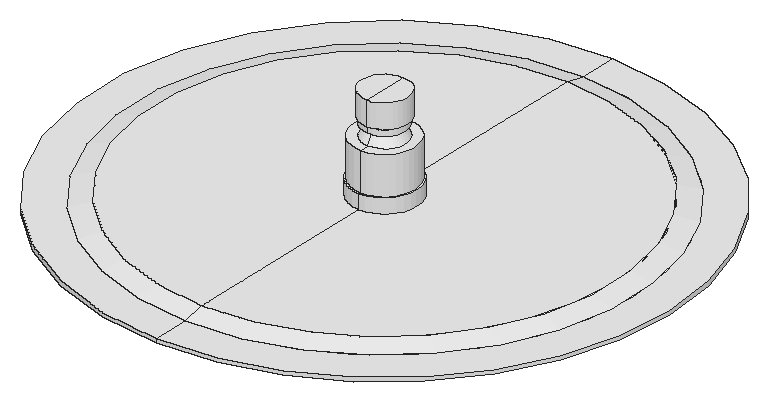
Revit family "ShowerHead-18Lmin-Vitra-LiteLSSeries-A45674", category Plumbing Fixtures, Revit 2017
Family settings
  Round Connector Dimension = Use Diameter
  Part Type = Normal
  OmniClass Number = 23.45.00.00
  OmniClass Title = Sanitary, Laundry, and Cleaning Equipment
  Work Plane-Based = Yes
  Always vertical = No
  Cut with Voids When Loaded = No
  Shared = Yes
  Room Calculation Point = No
Parameters (values of type "ShowerHead-18Lmin-Vitra-LiteLSSeries-A45674")
  Youtube = "https://www.youtube.com/user/VitrAglobal"
  Weight Net (kg) = "0.4"
  Waste Connection = no
  Warranty Period (Year) = "5 Years"
  Vent Connection = no
  Uniformat II Description = "Plumbing Fixtures"
  Uniformat II Code = "D2010"
  Uniclass 2015 Name = "Shower heads"
  Uniclass 2015 Code = "Pr_40_20_87_76"
  Uniclass 2.0 Description = "Shower Heads"
  Uniclass 2.0 Code = "PR-35-06-81"
  Uniclass 1.4 Description = "Showers"
  Uniclass 1.4 Code = "L7214"
  URL = "https://vitraglobal.com/"
  UNSPSC Description = ""
  UNSPSC Code = ""
  Technical description = "https://www.vitra.com.tr/pdf/A45674/"
  Tap hole Options (default) = ""
  Specification = ""
  Secondary Material = Plastic
  Region South America = "All"
  Region Oceania = "All"
  Region North America = "All"
  Region Middle East = "All"
  Region Europe = "All"
  Region Asia = "All"
  Region Antarctica = "All"
  Region Africa = "All"
  Product url = "https://www.vitra.com.tr/dus-sistemleri/dus-basliklari/dus-basliklari/lite-lc-dus-basligi-sku-A45674/"
  Product manual = ""
  Product group = "Showers Head"
  Product family = "Lite LS Series"
  Product data url = ""
  Product certification = "https://www.vitraglobal.com/brochures/"
  Product Type = "Showerhead"
  Product SKU = "A45674"
  Product Properties = ""
  Product Guid = ""
  OmniClass Description = "Shower Head Fixtures"
  OmniClass Code = "23-31 17 19"
  Number Of Connections = "1"
  Nominal Width (mm) = 300 mm
  Nominal Height (mm) = 54 mm
  Nominal Depth (mm) = 300 mm
  NBS Referans Description = "Shower Heads"
  NBS Referans Code = "35-06-81"
  Mounting type = "Pipe Connect"
  Model = "A45674"
  Masterformat 2014 Description = "Residential Showers"
  Masterformat 2014 Code = "22 41 23"
  Manufacturer name = "Vitra"
  Manufacturer = "Vitra"
  Main Material = "Metal"
  Installation instructions = ""
  IFC Classification = "Sanitary Terminal"
  Help = ""
  HW Connection = no
  GTIP code = ""
  Features = ""
  EAN code = ""
  Design country = "Turkey"
  Description = "Shower Head"
  Default Elevation = 0 mm
  Connection Diameter (mm) = 20 mm
  Color = "Chrome"
  Coating Material = Chrome
  Calculated flow = ""
  CW Connection = no
  COBIe Type Category = ""
  Brand = "Artema"
  BIMobject category = "Bath/Shower Mixer"
  Article No. (default) = "A45674"
  Approvals = ""
  ApplicationType = ""
  Accessories (default) = ""
Reference planes
  plane 1 "Center (Front/Back)": y = 0
  plane 2: z = 0
  plane 3 "Center (Left/Right)": x = 0
  plane 4: z = -54
  plane 5: x = -144.563
  plane 6: x = 155.437
  plane 7: y = 150
  plane 8: y = -150
Forms (mm)
  Revolve 1, solid, material "Chrome" <- "Coating Material", detail levels medium+fine
    sketch origin (0, 0, 0) x (0, 1, 0) y (0, 0, 1)
      loop
        line (0, 0) -> (0, -54) -> (150, -54) -> (150, -52) -> (131.025, -52) -> (120.196, -49.5) -> (17.01, -49.5) -> (17.01, -41.9) -> (16.017, -41.9) -> (16.017, -22.1) -> (11.032, -22.1) -> (8.416, -17.57) -> (8.416, -16.2) -> (10.9, -16.2) -> (10.9, -13.151) -> (12.03, -12.498) -> (12.03, 0) -> (0, 0)
      axis (0, -54) -> (0, 0)
    angle from 0 to 360
  Extrusion 2, solid, material "Plastic" <- "Secondary Material", detail levels fine
    sketch origin (0, 0, 0) x (1, 0, 0) y (0, 1, 0)
      loop
        circle (0, 0) r 4.013
    from -59 to -54
  Extrusion 3, solid, material "Plastic" <- "Secondary Material", detail levels fine
    sketch origin (14.731, 8.505, 0) x (1, 0, 0) y (0, 1, 0)
      loop
        circle (0, 0) r 4.013
    from -59 to -54
  Extrusion 4, solid, material "Plastic" <- "Secondary Material", detail levels fine
    sketch origin (14.731, -8.505, 0) x (0.5, -0.866025, 0) y (0.866025, 0.5, 0)
      loop
        circle (0, 0) r 4.013
    from -59 to -54
  Extrusion 5, solid, material "Plastic" <- "Secondary Material", detail levels fine
    sketch origin (0, 17.01, 0) x (0.5, 0.866025, 0) y (-0.866025, 0.5, 0)
      loop
        circle (0, 0) r 4.013
    from -59 to -54
  Extrusion 6, solid, material "Plastic" <- "Secondary Material", detail levels fine
    sketch origin (-14.731, 8.505, 0) x (-0.5, 0.866025, 0) y (-0.866025, -0.5, 0)
      loop
        circle (0, 0) r 4.013
    from -59 to -54
  Extrusion 7, solid, material "Plastic" <- "Secondary Material", detail levels fine
    sketch origin (-14.731, -8.505, 0) x (-1, 0, 0) y (0, -1, 0)
      loop
        circle (0, 0) r 4.013
    from -59 to -54
  Extrusion 8, solid, material "Plastic" <- "Secondary Material", detail levels fine
    sketch origin (0, -17.01, 0) x (-0.5, -0.866025, 0) y (0.866025, -0.5, 0)
      loop
        circle (0, 0) r 4.013
    from -59 to -54
  Extrusion 9, solid, material "Plastic" <- "Secondary Material", detail levels fine
    sketch origin (33.97, -0.008, 0) x (1, 0, 0) y (0, 1, 0)
      loop
        circle (0, 0) r 4.013
    from -59 to -54
  Extrusion 10, solid, material "Plastic" <- "Secondary Material", detail levels fine
    sketch origin (29.415, -16.992, 0) x (0.866025, -0.5, 0) y (0.5, 0.866025, 0)
      loop
        circle (0, 0) r 4.013
    from -59 to -54
  Extrusion 11, solid, material "Plastic" <- "Secondary Material", detail levels fine
    sketch origin (29.423, 16.978, 0) x (0.866025, 0.5, 0) y (-0.5, 0.866025, 0)
      loop
        circle (0, 0) r 4.013
    from -59 to -54
  Extrusion 12, solid, material "Plastic" <- "Secondary Material", detail levels fine
    sketch origin (16.992, 29.415, 0) x (0.5, 0.866025, 0) y (-0.866025, 0.5, 0)
      loop
        circle (0, 0) r 4.013
    from -59 to -54
  Extrusion 13, solid, material "Plastic" <- "Secondary Material", detail levels fine
    sketch origin (0.008, 33.97, 0) x (0, 1, 0) y (-1, 0, 0)
      loop
        circle (0, 0) r 4.013
    from -59 to -54
  Extrusion 14, solid, material "Plastic" <- "Secondary Material", detail levels fine
    sketch origin (-16.978, 29.423, 0) x (-0.5, 0.866025, 0) y (-0.866025, -0.5, 0)
      loop
        circle (0, 0) r 4.013
    from -59 to -54
  Extrusion 15, solid, material "Plastic" <- "Secondary Material", detail levels fine
    sketch origin (-29.415, 16.992, 0) x (-0.866025, 0.5, 0) y (-0.5, -0.866025, 0)
      loop
        circle (0, 0) r 4.013
    from -59 to -54
  Extrusion 16, solid, material "Plastic" <- "Secondary Material", detail levels fine
    sketch origin (-33.97, 0.008, 0) x (-1, 0, 0) y (0, -1, 0)
      loop
        circle (0, 0) r 4.013
    from -59 to -54
  Extrusion 17, solid, material "Plastic" <- "Secondary Material", detail levels fine
    sketch origin (-29.423, -16.978, 0) x (-0.866025, -0.5, 0) y (0.5, -0.866025, 0)
      loop
        circle (0, 0) r 4.013
    from -59 to -54
  Extrusion 18, solid, material "Plastic" <- "Secondary Material", detail levels fine
    sketch origin (-16.992, -29.415, 0) x (-0.5, -0.866025, 0) y (0.866025, -0.5, 0)
      loop
        circle (0, 0) r 4.013
    from -59 to -54
  Extrusion 19, solid, material "Plastic" <- "Secondary Material", detail levels fine
    sketch origin (-0.008, -33.97, 0) x (0, -1, 0) y (1, 0, 0)
      loop
        circle (0, 0) r 4.013
    from -59 to -54
  Extrusion 20, solid, material "Plastic" <- "Secondary Material", detail levels fine
    sketch origin (16.978, -29.423, 0) x (0.5, -0.866025, 0) y (0.866025, 0.5, 0)
      loop
        circle (0, 0) r 4.013
    from -59 to -54
  Extrusion 21, solid, material "Plastic" <- "Secondary Material", detail levels fine
    sketch origin (50.214, 8.831, 0) x (1, 0, 0) y (0, 1, 0)
      loop
        circle (0, 0) r 4.013
    from -59 to -54
  Extrusion 22, solid, material "Plastic" <- "Secondary Material", detail levels fine
    sketch origin (50.206, -8.875, 0) x (0.939693, -0.34202, 0) y (0.34202, 0.939693, 0)
      loop
        circle (0, 0) r 4.013
    from -59 to -54
  Extrusion 23, solid, material "Plastic" <- "Secondary Material", detail levels fine
    sketch origin (44.165, 25.473, 0) x (0.939693, 0.34202, 0) y (-0.34202, 0.939693, 0)
      loop
        circle (0, 0) r 4.013
    from -59 to -54
  Extrusion 24, solid, material "Plastic" <- "Secondary Material", detail levels fine
    sketch origin (32.789, 39.042, 0) x (0.766044, 0.642788, 0) y (-0.642788, 0.766044, 0)
      loop
        circle (0, 0) r 4.013
    from -59 to -54
  Extrusion 25, solid, material "Plastic" <- "Secondary Material", detail levels fine
    sketch origin (17.459, 47.902, 0) x (0.5, 0.866025, 0) y (-0.866025, 0.5, 0)
      loop
        circle (0, 0) r 4.013
    from -59 to -54
  Extrusion 26, solid, material "Plastic" <- "Secondary Material", detail levels fine
    sketch origin (0.022, 50.984, 0) x (0.173648, 0.984808, 0) y (-0.984808, 0.173648, 0)
      loop
        circle (0, 0) r 4.013
    from -59 to -54
  Extrusion 27, solid, material "Plastic" <- "Secondary Material", detail levels fine
    sketch origin (-17.417, 47.917, 0) x (-0.173648, 0.984808, 0) y (-0.984808, -0.173648, 0)
      loop
        circle (0, 0) r 4.013
    from -59 to -54
  Extrusion 28, solid, material "Plastic" <- "Secondary Material", detail levels fine
    sketch origin (-32.755, 39.071, 0) x (-0.5, 0.866025, 0) y (-0.866025, -0.5, 0)
      loop
        circle (0, 0) r 4.013
    from -59 to -54
  Extrusion 29, solid, material "Plastic" <- "Secondary Material", detail levels fine
    sketch origin (-44.143, 25.511, 0) x (-0.766044, 0.642788, 0) y (-0.642788, -0.766044, 0)
      loop
        circle (0, 0) r 4.013
    from -59 to -54
  Extrusion 30, solid, material "Plastic" <- "Secondary Material", detail levels fine
    sketch origin (-50.206, 8.875, 0) x (-0.939693, 0.34202, 0) y (-0.34202, -0.939693, 0)
      loop
        circle (0, 0) r 4.013
    from -59 to -54
  Extrusion 31, solid, material "Plastic" <- "Secondary Material", detail levels fine
    sketch origin (-50.214, -8.831, 0) x (-1, 0, 0) y (0, -1, 0)
      loop
        circle (0, 0) r 4.013
    from -59 to -54
  Extrusion 32, solid, material "Plastic" <- "Secondary Material", detail levels fine
    sketch origin (-44.165, -25.473, 0) x (-0.939693, -0.34202, 0) y (0.34202, -0.939693, 0)
      loop
        circle (0, 0) r 4.013
    from -59 to -54
  Extrusion 33, solid, material "Plastic" <- "Secondary Material", detail levels fine
    sketch origin (-32.789, -39.042, 0) x (-0.766044, -0.642788, 0) y (0.642788, -0.766044, 0)
      loop
        circle (0, 0) r 4.013
    from -59 to -54
  Extrusion 34, solid, material "Plastic" <- "Secondary Material", detail levels fine
    sketch origin (-17.459, -47.902, 0) x (-0.5, -0.866025, 0) y (0.866025, -0.5, 0)
      loop
        circle (0, 0) r 4.013
    from -59 to -54
  Extrusion 35, solid, material "Plastic" <- "Secondary Material", detail levels fine
    sketch origin (-0.022, -50.984, 0) x (-0.173648, -0.984808, 0) y (0.984808, -0.173648, 0)
      loop
        circle (0, 0) r 4.013
    from -59 to -54
  Extrusion 36, solid, material "Plastic" <- "Secondary Material", detail levels fine
    sketch origin (17.417, -47.917, 0) x (0.173648, -0.984808, 0) y (0.984808, 0.173648, 0)
      loop
        circle (0, 0) r 4.013
    from -59 to -54
  Extrusion 37, solid, material "Plastic" <- "Secondary Material", detail levels fine
    sketch origin (32.755, -39.071, 0) x (0.5, -0.866025, 0) y (0.866025, 0.5, 0)
      loop
        circle (0, 0) r 4.013
    from -59 to -54
  Extrusion 38, solid, material "Plastic" <- "Secondary Material", detail levels fine
    sketch origin (44.143, -25.511, 0) x (0.766044, -0.642788, 0) y (0.642788, 0.766044, 0)
      loop
        circle (0, 0) r 4.013
    from -59 to -54
  Extrusion 39, solid, material "Plastic" <- "Secondary Material", detail levels fine
    sketch origin (68.001, -0.05, 0) x (1, 0, 0) y (0, 1, 0)
      loop
        circle (0, 0) r 4.013
    from -59 to -54
  Extrusion 40, solid, material "Plastic" <- "Secondary Material", detail levels fine
    sketch origin (65.671, -17.648, 0) x (0.965926, -0.258819, 0) y (0.258819, 0.965926, 0)
      loop
        circle (0, 0) r 4.013
    from -59 to -54
  Extrusion 41, solid, material "Plastic" <- "Secondary Material", detail levels fine
    sketch origin (65.697, 17.552, 0) x (0.965926, 0.258819, 0) y (-0.258819, 0.965926, 0)
      loop
        circle (0, 0) r 4.013
    from -59 to -54
  Extrusion 42, solid, material "Plastic" <- "Secondary Material", detail levels fine
    sketch origin (58.916, 33.957, 0) x (0.866025, 0.5, 0) y (-0.5, 0.866025, 0)
      loop
        circle (0, 0) r 4.013
    from -59 to -54
  Extrusion 43, solid, material "Plastic" <- "Secondary Material", detail levels fine
    sketch origin (48.119, 48.049, 0) x (0.707107, 0.707107, 0) y (-0.707107, 0.707107, 0)
      loop
        circle (0, 0) r 4.013
    from -59 to -54
  Extrusion 44, solid, material "Plastic" <- "Secondary Material", detail levels fine
    sketch origin (34.044, 58.866, 0) x (0.5, 0.866025, 0) y (-0.866025, 0.5, 0)
      loop
        circle (0, 0) r 4.013
    from -59 to -54
  Extrusion 45, solid, material "Plastic" <- "Secondary Material", detail levels fine
    sketch origin (17.648, 65.671, 0) x (0.258819, 0.965926, 0) y (-0.965926, 0.258819, 0)
      loop
        circle (0, 0) r 4.013
    from -59 to -54
  Extrusion 46, solid, material "Plastic" <- "Secondary Material", detail levels fine
    sketch origin (0.05, 68.001, 0) x (0, 1, 0) y (-1, 0, 0)
      loop
        circle (0, 0) r 4.013
    from -59 to -54
  Extrusion 47, solid, material "Plastic" <- "Secondary Material", detail levels fine
    sketch origin (-17.552, 65.697, 0) x (-0.258819, 0.965926, 0) y (-0.965926, -0.258819, 0)
      loop
        circle (0, 0) r 4.013
    from -59 to -54
  Extrusion 48, solid, material "Plastic" <- "Secondary Material", detail levels fine
    sketch origin (-33.957, 58.916, 0) x (-0.5, 0.866025, 0) y (-0.866025, -0.5, 0)
      loop
        circle (0, 0) r 4.013
    from -59 to -54
  Extrusion 49, solid, material "Plastic" <- "Secondary Material", detail levels fine
    sketch origin (-48.049, 48.119, 0) x (-0.707107, 0.707107, 0) y (-0.707107, -0.707107, 0)
      loop
        circle (0, 0) r 4.013
    from -59 to -54
  Extrusion 50, solid, material "Plastic" <- "Secondary Material", detail levels fine
    sketch origin (-58.866, 34.044, 0) x (-0.866025, 0.5, 0) y (-0.5, -0.866025, 0)
      loop
        circle (0, 0) r 4.013
    from -59 to -54
  Extrusion 51, solid, material "Plastic" <- "Secondary Material", detail levels fine
    sketch origin (-65.671, 17.648, 0) x (-0.965926, 0.258819, 0) y (-0.258819, -0.965926, 0)
      loop
        circle (0, 0) r 4.013
    from -59 to -54
  Extrusion 52, solid, material "Plastic" <- "Secondary Material", detail levels fine
    sketch origin (-68.001, 0.05, 0) x (-1, 0, 0) y (0, -1, 0)
      loop
        circle (0, 0) r 4.013
    from -59 to -54
  Extrusion 53, solid, material "Plastic" <- "Secondary Material", detail levels fine
    sketch origin (-65.697, -17.552, 0) x (-0.965926, -0.258819, 0) y (0.258819, -0.965926, 0)
      loop
        circle (0, 0) r 4.013
    from -59 to -54
  Extrusion 54, solid, material "Plastic" <- "Secondary Material", detail levels fine
    sketch origin (-58.916, -33.957, 0) x (-0.866025, -0.5, 0) y (0.5, -0.866025, 0)
      loop
        circle (0, 0) r 4.013
    from -59 to -54
  Extrusion 55, solid, material "Plastic" <- "Secondary Material", detail levels fine
    sketch origin (-48.119, -48.049, 0) x (-0.707107, -0.707107, 0) y (0.707107, -0.707107, 0)
      loop
        circle (0, 0) r 4.013
    from -59 to -54
  Extrusion 56, solid, material "Plastic" <- "Secondary Material", detail levels fine
    sketch origin (-34.044, -58.866, 0) x (-0.5, -0.866025, 0) y (0.866025, -0.5, 0)
      loop
        circle (0, 0) r 4.013
    from -59 to -54
  Extrusion 57, solid, material "Plastic" <- "Secondary Material", detail levels fine
    sketch origin (-17.648, -65.671, 0) x (-0.258819, -0.965926, 0) y (0.965926, -0.258819, 0)
      loop
        circle (0, 0) r 4.013
    from -59 to -54
  Extrusion 58, solid, material "Plastic" <- "Secondary Material", detail levels fine
    sketch origin (-0.05, -68.001, 0) x (0, -1, 0) y (1, 0, 0)
      loop
        circle (0, 0) r 4.013
    from -59 to -54
  Extrusion 59, solid, material "Plastic" <- "Secondary Material", detail levels fine
    sketch origin (17.552, -65.697, 0) x (0.258819, -0.965926, 0) y (0.965926, 0.258819, 0)
      loop
        circle (0, 0) r 4.013
    from -59 to -54
  Extrusion 60, solid, material "Plastic" <- "Secondary Material", detail levels fine
    sketch origin (33.957, -58.916, 0) x (0.5, -0.866025, 0) y (0.866025, 0.5, 0)
      loop
        circle (0, 0) r 4.013
    from -59 to -54
  Extrusion 61, solid, material "Plastic" <- "Secondary Material", detail levels fine
    sketch origin (48.049, -48.119, 0) x (0.707107, -0.707107, 0) y (0.707107, 0.707107, 0)
      loop
        circle (0, 0) r 4.013
    from -59 to -54
  Extrusion 62, solid, material "Plastic" <- "Secondary Material", detail levels fine
    sketch origin (58.866, -34.044, 0) x (0.866025, -0.5, 0) y (0.5, 0.866025, 0)
      loop
        circle (0, 0) r 4.013
    from -59 to -54
  Extrusion 63, solid, material "Plastic" <- "Secondary Material", detail levels fine
    sketch origin (84.589, 8.831, 0) x (1, 0, 0) y (0, 1, 0)
      loop
        circle (0, 0) r 4.013
    from -59 to -54
  Extrusion 64, solid, material "Plastic" <- "Secondary Material", detail levels fine
    sketch origin (84.576, -8.949, 0) x (0.978148, -0.207912, 0) y (0.207912, 0.978148, 0)
      loop
        circle (0, 0) r 4.013
    from -59 to -54
  Extrusion 65, solid, material "Plastic" <- "Secondary Material", detail levels fine
    sketch origin (80.904, 26.225, 0) x (0.978148, 0.207912, 0) y (-0.207912, 0.978148, 0)
      loop
        circle (0, 0) r 4.013
    from -59 to -54
  Extrusion 66, solid, material "Plastic" <- "Secondary Material", detail levels fine
    sketch origin (73.683, 42.473, 0) x (0.913545, 0.406737, 0) y (-0.406737, 0.913545, 0)
      loop
        circle (0, 0) r 4.013
    from -59 to -54
  Extrusion 67, solid, material "Plastic" <- "Secondary Material", detail levels fine
    sketch origin (63.243, 56.865, 0) x (0.809017, 0.587785, 0) y (-0.587785, 0.809017, 0)
      loop
        circle (0, 0) r 4.013
    from -59 to -54
  Extrusion 68, solid, material "Plastic" <- "Secondary Material", detail levels fine
    sketch origin (50.038, 68.771, 0) x (0.669131, 0.743145, 0) y (-0.743145, 0.669131, 0)
      loop
        circle (0, 0) r 4.013
    from -59 to -54
  Extrusion 69, solid, material "Plastic" <- "Secondary Material", detail levels fine
    sketch origin (34.646, 77.672, 0) x (0.5, 0.866025, 0) y (-0.866025, 0.5, 0)
      loop
        circle (0, 0) r 4.013
    from -59 to -54
  Extrusion 70, solid, material "Plastic" <- "Secondary Material", detail levels fine
    sketch origin (17.74, 83.178, 0) x (0.309017, 0.951057, 0) y (-0.951057, 0.309017, 0)
      loop
        circle (0, 0) r 4.013
    from -59 to -54
  Extrusion 71, solid, material "Plastic" <- "Secondary Material", detail levels fine
    sketch origin (0.059, 85.048, 0) x (0.104528, 0.994522, 0) y (-0.994522, 0.104528, 0)
      loop
        circle (0, 0) r 4.013
    from -59 to -54
  Extrusion 72, solid, material "Plastic" <- "Secondary Material", detail levels fine
    sketch origin (-17.625, 83.202, 0) x (-0.104528, 0.994522, 0) y (-0.994522, -0.104528, 0)
      loop
        circle (0, 0) r 4.013
    from -59 to -54
  Extrusion 73, solid, material "Plastic" <- "Secondary Material", detail levels fine
    sketch origin (-34.538, 77.719, 0) x (-0.309017, 0.951057, 0) y (-0.951057, -0.309017, 0)
      loop
        circle (0, 0) r 4.013
    from -59 to -54
  Extrusion 74, solid, material "Plastic" <- "Secondary Material", detail levels fine
    sketch origin (-49.942, 68.84, 0) x (-0.5, 0.866025, 0) y (-0.866025, -0.5, 0)
      loop
        circle (0, 0) r 4.013
    from -59 to -54
  Extrusion 75, solid, material "Plastic" <- "Secondary Material", detail levels fine
    sketch origin (-63.164, 56.952, 0) x (-0.669131, 0.743145, 0) y (-0.743145, -0.669131, 0)
      loop
        circle (0, 0) r 4.013
    from -59 to -54
  Extrusion 76, solid, material "Plastic" <- "Secondary Material", detail levels fine
    sketch origin (-73.625, 42.575, 0) x (-0.809017, 0.587785, 0) y (-0.587785, -0.809017, 0)
      loop
        circle (0, 0) r 4.013
    from -59 to -54
  Extrusion 77, solid, material "Plastic" <- "Secondary Material", detail levels fine
    sketch origin (-80.868, 26.337, 0) x (-0.913545, 0.406737, 0) y (-0.406737, -0.913545, 0)
      loop
        circle (0, 0) r 4.013
    from -59 to -54
  Extrusion 78, solid, material "Plastic" <- "Secondary Material", detail levels fine
    sketch origin (-84.576, 8.949, 0) x (-0.978148, 0.207912, 0) y (-0.207912, -0.978148, 0)
      loop
        circle (0, 0) r 4.013
    from -59 to -54
  Extrusion 79, solid, material "Plastic" <- "Secondary Material", detail levels fine
    sketch origin (-84.589, -8.831, 0) x (-1, 0, 0) y (0, -1, 0)
      loop
        circle (0, 0) r 4.013
    from -59 to -54
  Extrusion 80, solid, material "Plastic" <- "Secondary Material", detail levels fine
    sketch origin (-80.904, -26.225, 0) x (-0.978148, -0.207912, 0) y (0.207912, -0.978148, 0)
      loop
        circle (0, 0) r 4.013
    from -59 to -54
  Extrusion 81, solid, material "Plastic" <- "Secondary Material", detail levels fine
    sketch origin (-73.683, -42.473, 0) x (-0.913545, -0.406737, 0) y (0.406737, -0.913545, 0)
      loop
        circle (0, 0) r 4.013
    from -59 to -54
  Extrusion 82, solid, material "Plastic" <- "Secondary Material", detail levels fine
    sketch origin (-63.243, -56.865, 0) x (-0.809017, -0.587785, 0) y (0.587785, -0.809017, 0)
      loop
        circle (0, 0) r 4.013
    from -59 to -54
  Extrusion 83, solid, material "Plastic" <- "Secondary Material", detail levels fine
    sketch origin (-50.038, -68.771, 0) x (-0.669131, -0.743145, 0) y (0.743145, -0.669131, 0)
      loop
        circle (0, 0) r 4.013
    from -59 to -54
  Extrusion 84, solid, material "Plastic" <- "Secondary Material", detail levels fine
    sketch origin (-34.646, -77.672, 0) x (-0.5, -0.866025, 0) y (0.866025, -0.5, 0)
      loop
        circle (0, 0) r 4.013
    from -59 to -54
  Extrusion 85, solid, material "Plastic" <- "Secondary Material", detail levels fine
    sketch origin (-17.74, -83.178, 0) x (-0.309017, -0.951057, 0) y (0.951057, -0.309017, 0)
      loop
        circle (0, 0) r 4.013
    from -59 to -54
  Extrusion 86, solid, material "Plastic" <- "Secondary Material", detail levels fine
    sketch origin (-0.059, -85.048, 0) x (-0.104528, -0.994522, 0) y (0.994522, -0.104528, 0)
      loop
        circle (0, 0) r 4.013
    from -59 to -54
  Extrusion 87, solid, material "Plastic" <- "Secondary Material", detail levels fine
    sketch origin (17.625, -83.202, 0) x (0.104528, -0.994522, 0) y (0.994522, 0.104528, 0)
      loop
        circle (0, 0) r 4.013
    from -59 to -54
  Extrusion 88, solid, material "Plastic" <- "Secondary Material", detail levels fine
    sketch origin (34.538, -77.719, 0) x (0.309017, -0.951057, 0) y (0.951057, 0.309017, 0)
      loop
        circle (0, 0) r 4.013
    from -59 to -54
  Extrusion 89, solid, material "Plastic" <- "Secondary Material", detail levels fine
    sketch origin (49.942, -68.84, 0) x (0.5, -0.866025, 0) y (0.866025, 0.5, 0)
      loop
        circle (0, 0) r 4.013
    from -59 to -54
  Extrusion 90, solid, material "Plastic" <- "Secondary Material", detail levels fine
    sketch origin (63.164, -56.952, 0) x (0.669131, -0.743145, 0) y (0.743145, 0.669131, 0)
      loop
        circle (0, 0) r 4.013
    from -59 to -54
  Extrusion 91, solid, material "Plastic" <- "Secondary Material", detail levels fine
    sketch origin (73.625, -42.575, 0) x (0.809017, -0.587785, 0) y (0.587785, 0.809017, 0)
      loop
        circle (0, 0) r 4.013
    from -59 to -54
  Extrusion 92, solid, material "Plastic" <- "Secondary Material", detail levels fine
    sketch origin (80.868, -26.337, 0) x (0.913545, -0.406737, 0) y (0.406737, 0.913545, 0)
      loop
        circle (0, 0) r 4.013
    from -59 to -54
  Extrusion 93, solid, material "Plastic" <- "Secondary Material", detail levels fine
    sketch origin (102.015, -0.05, 0) x (1, 0, 0) y (0, 1, 0)
      loop
        circle (0, 0) r 4.013
    from -59 to -54
  Extrusion 94, solid, material "Plastic" <- "Secondary Material", detail levels fine
    sketch origin (100.456, -17.764, 0) x (0.984808, -0.173648, 0) y (0.173648, 0.984808, 0)
      loop
        circle (0, 0) r 4.013
    from -59 to -54
  Extrusion 95, solid, material "Plastic" <- "Secondary Material", detail levels fine
    sketch origin (100.473, 17.666, 0) x (0.984808, 0.173648, 0) y (-0.173648, 0.984808, 0)
      loop
        circle (0, 0) r 4.013
    from -59 to -54
  Extrusion 96, solid, material "Plastic" <- "Secondary Material", detail levels fine
    sketch origin (95.879, 34.844, 0) x (0.939693, 0.34202, 0) y (-0.34202, 0.939693, 0)
      loop
        circle (0, 0) r 4.013
    from -59 to -54
  Extrusion 97, solid, material "Plastic" <- "Secondary Material", detail levels fine
    sketch origin (88.372, 50.964, 0) x (0.866025, 0.5, 0) y (-0.5, 0.866025, 0)
      loop
        circle (0, 0) r 4.013
    from -59 to -54
  Extrusion 98, solid, material "Plastic" <- "Secondary Material", detail levels fine
    sketch origin (78.18, 65.536, 0) x (0.766044, 0.642788, 0) y (-0.642788, 0.766044, 0)
      loop
        circle (0, 0) r 4.013
    from -59 to -54
  Extrusion 99, solid, material "Plastic" <- "Secondary Material", detail levels fine
    sketch origin (65.612, 78.116, 0) x (0.642788, 0.766044, 0) y (-0.766044, 0.642788, 0)
      loop
        circle (0, 0) r 4.013
    from -59 to -54
  Extrusion 100, solid, material "Plastic" <- "Secondary Material", detail levels fine
    sketch origin (51.05, 88.322, 0) x (0.5, 0.866025, 0) y (-0.866025, 0.5, 0)
      loop
        circle (0, 0) r 4.013
    from -59 to -54
  Extrusion 101, solid, material "Plastic" <- "Secondary Material", detail levels fine
    sketch origin (34.938, 95.845, 0) x (0.34202, 0.939693, 0) y (-0.939693, 0.34202, 0)
      loop
        circle (0, 0) r 4.013
    from -59 to -54
  Extrusion 102, solid, material "Plastic" <- "Secondary Material", detail levels fine
    sketch origin (17.764, 100.456, 0) x (0.173648, 0.984808, 0) y (-0.984808, 0.173648, 0)
      loop
        circle (0, 0) r 4.013
    from -59 to -54
  Extrusion 103, solid, material "Plastic" <- "Secondary Material", detail levels fine
    sketch origin (0.05, 102.015, 0) x (0, 1, 0) y (-1, 0, 0)
      loop
        circle (0, 0) r 4.013
    from -59 to -54
  Extrusion 104, solid, material "Plastic" <- "Secondary Material", detail levels fine
    sketch origin (-17.666, 100.473, 0) x (-0.173648, 0.984808, 0) y (-0.984808, -0.173648, 0)
      loop
        circle (0, 0) r 4.013
    from -59 to -54
  Extrusion 105, solid, material "Plastic" <- "Secondary Material", detail levels fine
    sketch origin (-34.844, 95.879, 0) x (-0.34202, 0.939693, 0) y (-0.939693, -0.34202, 0)
      loop
        circle (0, 0) r 4.013
    from -59 to -54
  Extrusion 106, solid, material "Plastic" <- "Secondary Material", detail levels fine
    sketch origin (-50.964, 88.372, 0) x (-0.5, 0.866025, 0) y (-0.866025, -0.5, 0)
      loop
        circle (0, 0) r 4.013
    from -59 to -54
  Extrusion 107, solid, material "Plastic" <- "Secondary Material", detail levels fine
    sketch origin (-65.536, 78.18, 0) x (-0.642788, 0.766044, 0) y (-0.766044, -0.642788, 0)
      loop
        circle (0, 0) r 4.013
    from -59 to -54
  Extrusion 108, solid, material "Plastic" <- "Secondary Material", detail levels fine
    sketch origin (-78.116, 65.612, 0) x (-0.766044, 0.642788, 0) y (-0.642788, -0.766044, 0)
      loop
        circle (0, 0) r 4.013
    from -59 to -54
  Extrusion 109, solid, material "Plastic" <- "Secondary Material", detail levels fine
    sketch origin (-88.322, 51.05, 0) x (-0.866025, 0.5, 0) y (-0.5, -0.866025, 0)
      loop
        circle (0, 0) r 4.013
    from -59 to -54
  Extrusion 110, solid, material "Plastic" <- "Secondary Material", detail levels fine
    sketch origin (-95.845, 34.938, 0) x (-0.939693, 0.34202, 0) y (-0.34202, -0.939693, 0)
      loop
        circle (0, 0) r 4.013
    from -59 to -54
  Extrusion 111, solid, material "Plastic" <- "Secondary Material", detail levels fine
    sketch origin (-100.456, 17.764, 0) x (-0.984808, 0.173648, 0) y (-0.173648, -0.984808, 0)
      loop
        circle (0, 0) r 4.013
    from -59 to -54
  Extrusion 112, solid, material "Plastic" <- "Secondary Material", detail levels fine
    sketch origin (-102.015, 0.05, 0) x (-1, 0, 0) y (0, -1, 0)
      loop
        circle (0, 0) r 4.013
    from -59 to -54
  Extrusion 113, solid, material "Plastic" <- "Secondary Material", detail levels fine
    sketch origin (-100.473, -17.666, 0) x (-0.984808, -0.173648, 0) y (0.173648, -0.984808, 0)
      loop
        circle (0, 0) r 4.013
    from -59 to -54
  Extrusion 114, solid, material "Plastic" <- "Secondary Material", detail levels fine
    sketch origin (-95.879, -34.844, 0) x (-0.939693, -0.34202, 0) y (0.34202, -0.939693, 0)
      loop
        circle (0, 0) r 4.013
    from -59 to -54
  Extrusion 115, solid, material "Plastic" <- "Secondary Material", detail levels fine
    sketch origin (-88.372, -50.964, 0) x (-0.866025, -0.5, 0) y (0.5, -0.866025, 0)
      loop
        circle (0, 0) r 4.013
    from -59 to -54
  Extrusion 116, solid, material "Plastic" <- "Secondary Material", detail levels fine
    sketch origin (-78.18, -65.536, 0) x (-0.766044, -0.642788, 0) y (0.642788, -0.766044, 0)
      loop
        circle (0, 0) r 4.013
    from -59 to -54
  Extrusion 117, solid, material "Plastic" <- "Secondary Material", detail levels fine
    sketch origin (-65.612, -78.116, 0) x (-0.642788, -0.766044, 0) y (0.766044, -0.642788, 0)
      loop
        circle (0, 0) r 4.013
    from -59 to -54
  Extrusion 118, solid, material "Plastic" <- "Secondary Material", detail levels fine
    sketch origin (-51.05, -88.322, 0) x (-0.5, -0.866025, 0) y (0.866025, -0.5, 0)
      loop
        circle (0, 0) r 4.013
    from -59 to -54
  Extrusion 119, solid, material "Plastic" <- "Secondary Material", detail levels fine
    sketch origin (-34.938, -95.845, 0) x (-0.34202, -0.939693, 0) y (0.939693, -0.34202, 0)
      loop
        circle (0, 0) r 4.013
    from -59 to -54
  Extrusion 120, solid, material "Plastic" <- "Secondary Material", detail levels fine
    sketch origin (-17.764, -100.456, 0) x (-0.173648, -0.984808, 0) y (0.984808, -0.173648, 0)
      loop
        circle (0, 0) r 4.013
    from -59 to -54
  Extrusion 121, solid, material "Plastic" <- "Secondary Material", detail levels fine
    sketch origin (-0.05, -102.015, 0) x (0, -1, 0) y (1, 0, 0)
      loop
        circle (0, 0) r 4.013
    from -59 to -54
  Extrusion 122, solid, material "Plastic" <- "Secondary Material", detail levels fine
    sketch origin (17.666, -100.473, 0) x (0.173648, -0.984808, 0) y (0.984808, 0.173648, 0)
      loop
        circle (0, 0) r 4.013
    from -59 to -54
  Extrusion 123, solid, material "Plastic" <- "Secondary Material", detail levels fine
    sketch origin (34.844, -95.879, 0) x (0.34202, -0.939693, 0) y (0.939693, 0.34202, 0)
      loop
        circle (0, 0) r 4.013
    from -59 to -54
  Extrusion 124, solid, material "Plastic" <- "Secondary Material", detail levels fine
    sketch origin (50.964, -88.372, 0) x (0.5, -0.866025, 0) y (0.866025, 0.5, 0)
      loop
        circle (0, 0) r 4.013
    from -59 to -54
  Extrusion 125, solid, material "Plastic" <- "Secondary Material", detail levels fine
    sketch origin (65.536, -78.18, 0) x (0.642788, -0.766044, 0) y (0.766044, 0.642788, 0)
      loop
        circle (0, 0) r 4.013
    from -59 to -54
  Extrusion 126, solid, material "Plastic" <- "Secondary Material", detail levels fine
    sketch origin (78.116, -65.612, 0) x (0.766044, -0.642788, 0) y (0.642788, 0.766044, 0)
      loop
        circle (0, 0) r 4.013
    from -59 to -54
  Extrusion 127, solid, material "Plastic" <- "Secondary Material", detail levels fine
    sketch origin (88.322, -51.05, 0) x (0.866025, -0.5, 0) y (0.5, 0.866025, 0)
      loop
        circle (0, 0) r 4.013
    from -59 to -54
  Extrusion 128, solid, material "Plastic" <- "Secondary Material", detail levels fine
    sketch origin (95.845, -34.938, 0) x (0.939693, -0.34202, 0) y (0.34202, 0.939693, 0)
      loop
        circle (0, 0) r 4.013
    from -59 to -54
  Extrusion 129, solid, material "Plastic" <- "Secondary Material", detail levels fine
    sketch origin (118.651, 8.831, 0) x (1, 0, 0) y (0, 1, 0)
      loop
        circle (0, 0) r 4.013
    from -59 to -54
  Extrusion 130, solid, material "Plastic" <- "Secondary Material", detail levels fine
    sketch origin (118.642, -8.951, 0) x (0.988831, -0.149042, 0) y (0.149042, 0.988831, 0)
      loop
        circle (0, 0) r 4.013
    from -59 to -54
  Extrusion 131, solid, material "Plastic" <- "Secondary Material", detail levels fine
    sketch origin (116.01, 26.417, 0) x (0.988831, 0.149042, 0) y (-0.149042, 0.988831, 0)
      loop
        circle (0, 0) r 4.013
    from -59 to -54
  Extrusion 132, solid, material "Plastic" <- "Secondary Material", detail levels fine
    sketch origin (110.777, 43.412, 0) x (0.955573, 0.294755, 0) y (-0.294755, 0.955573, 0)
      loop
        circle (0, 0) r 4.013
    from -59 to -54
  Extrusion 133, solid, material "Plastic" <- "Secondary Material", detail levels fine
    sketch origin (103.069, 59.438, 0) x (0.900969, 0.433884, 0) y (-0.433884, 0.900969, 0)
      loop
        circle (0, 0) r 4.013
    from -59 to -54
  Extrusion 134, solid, material "Plastic" <- "Secondary Material", detail levels fine
    sketch origin (93.059, 74.135, 0) x (0.826239, 0.56332, 0) y (-0.56332, 0.826239, 0)
      loop
        circle (0, 0) r 4.013
    from -59 to -54
  Extrusion 135, solid, material "Plastic" <- "Secondary Material", detail levels fine
    sketch origin (80.971, 87.177, 0) x (0.733052, 0.680173, 0) y (-0.680173, 0.733052, 0)
      loop
        circle (0, 0) r 4.013
    from -59 to -54
  Extrusion 136, solid, material "Plastic" <- "Secondary Material", detail levels fine
    sketch origin (67.073, 98.271, 0) x (0.62349, 0.781831, 0) y (-0.781831, 0.62349, 0)
      loop
        circle (0, 0) r 4.013
    from -59 to -54
  Extrusion 137, solid, material "Plastic" <- "Secondary Material", detail levels fine
    sketch origin (51.677, 107.171, 0) x (0.5, 0.866025, 0) y (-0.866025, 0.5, 0)
      loop
        circle (0, 0) r 4.013
    from -59 to -54
  Extrusion 138, solid, material "Plastic" <- "Secondary Material", detail levels fine
    sketch origin (35.127, 113.676, 0) x (0.365341, 0.930874, 0) y (-0.930874, 0.365341, 0)
      loop
        circle (0, 0) r 4.013
    from -59 to -54
  Extrusion 139, solid, material "Plastic" <- "Secondary Material", detail levels fine
    sketch origin (17.792, 117.641, 0) x (0.222521, 0.974928, 0) y (-0.974928, 0.222521, 0)
      loop
        circle (0, 0) r 4.013
    from -59 to -54
  Extrusion 140, solid, material "Plastic" <- "Secondary Material", detail levels fine
    sketch origin (0.06, 118.979, 0) x (0.07473, 0.997204, 0) y (-0.997204, 0.07473, 0)
      loop
        circle (0, 0) r 4.013
    from -59 to -54
  Extrusion 141, solid, material "Plastic" <- "Secondary Material", detail levels fine
    sketch origin (-17.673, 117.659, 0) x (-0.07473, 0.997204, 0) y (-0.997204, -0.07473, 0)
      loop
        circle (0, 0) r 4.013
    from -59 to -54
  Extrusion 142, solid, material "Plastic" <- "Secondary Material", detail levels fine
    sketch origin (-35.012, 113.711, 0) x (-0.222521, 0.974928, 0) y (-0.974928, -0.222521, 0)
      loop
        circle (0, 0) r 4.013
    from -59 to -54
  Extrusion 143, solid, material "Plastic" <- "Secondary Material", detail levels fine
    sketch origin (-51.569, 107.223, 0) x (-0.365341, 0.930874, 0) y (-0.930874, -0.365341, 0)
      loop
        circle (0, 0) r 4.013
    from -59 to -54
  Extrusion 144, solid, material "Plastic" <- "Secondary Material", detail levels fine
    sketch origin (-66.974, 98.339, 0) x (-0.5, 0.866025, 0) y (-0.866025, -0.5, 0)
      loop
        circle (0, 0) r 4.013
    from -59 to -54
  Extrusion 145, solid, material "Plastic" <- "Secondary Material", detail levels fine
    sketch origin (-80.882, 87.259, 0) x (-0.62349, 0.781831, 0) y (-0.781831, -0.62349, 0)
      loop
        circle (0, 0) r 4.013
    from -59 to -54
  Extrusion 146, solid, material "Plastic" <- "Secondary Material", detail levels fine
    sketch origin (-92.984, 74.229, 0) x (-0.733052, 0.680173, 0) y (-0.680173, -0.733052, 0)
      loop
        circle (0, 0) r 4.013
    from -59 to -54
  Extrusion 147, solid, material "Plastic" <- "Secondary Material", detail levels fine
    sketch origin (-103.009, 59.542, 0) x (-0.826239, 0.56332, 0) y (-0.56332, -0.826239, 0)
      loop
        circle (0, 0) r 4.013
    from -59 to -54
  Extrusion 148, solid, material "Plastic" <- "Secondary Material", detail levels fine
    sketch origin (-110.733, 43.524, 0) x (-0.900969, 0.433884, 0) y (-0.433884, -0.900969, 0)
      loop
        circle (0, 0) r 4.013
    from -59 to -54
  Extrusion 149, solid, material "Plastic" <- "Secondary Material", detail levels fine
    sketch origin (-115.983, 26.534, 0) x (-0.955573, 0.294755, 0) y (-0.294755, -0.955573, 0)
      loop
        circle (0, 0) r 4.013
    from -59 to -54
  Extrusion 150, solid, material "Plastic" <- "Secondary Material", detail levels fine
    sketch origin (-118.642, 8.951, 0) x (-0.988831, 0.149042, 0) y (-0.149042, -0.988831, 0)
      loop
        circle (0, 0) r 4.013
    from -59 to -54
  Extrusion 151, solid, material "Plastic" <- "Secondary Material", detail levels fine
    sketch origin (-118.651, -8.831, 0) x (-1, 0, 0) y (0, -1, 0)
      loop
        circle (0, 0) r 4.013
    from -59 to -54
  Extrusion 152, solid, material "Plastic" <- "Secondary Material", detail levels fine
    sketch origin (-116.01, -26.417, 0) x (-0.988831, -0.149042, 0) y (0.149042, -0.988831, 0)
      loop
        circle (0, 0) r 4.013
    from -59 to -54
  Extrusion 153, solid, material "Plastic" <- "Secondary Material", detail levels fine
    sketch origin (-110.777, -43.412, 0) x (-0.955573, -0.294755, 0) y (0.294755, -0.955573, 0)
      loop
        circle (0, 0) r 4.013
    from -59 to -54
  Extrusion 154, solid, material "Plastic" <- "Secondary Material", detail levels fine
    sketch origin (-103.069, -59.438, 0) x (-0.900969, -0.433884, 0) y (0.433884, -0.900969, 0)
      loop
        circle (0, 0) r 4.013
    from -59 to -54
  Extrusion 155, solid, material "Plastic" <- "Secondary Material", detail levels fine
    sketch origin (-93.059, -74.135, 0) x (-0.826239, -0.56332, 0) y (0.56332, -0.826239, 0)
      loop
        circle (0, 0) r 4.013
    from -59 to -54
  Extrusion 156, solid, material "Plastic" <- "Secondary Material", detail levels fine
    sketch origin (-80.971, -87.177, 0) x (-0.733052, -0.680173, 0) y (0.680173, -0.733052, 0)
      loop
        circle (0, 0) r 4.013
    from -59 to -54
  Extrusion 157, solid, material "Plastic" <- "Secondary Material", detail levels fine
    sketch origin (-67.073, -98.271, 0) x (-0.62349, -0.781831, 0) y (0.781831, -0.62349, 0)
      loop
        circle (0, 0) r 4.013
    from -59 to -54
  Extrusion 158, solid, material "Plastic" <- "Secondary Material", detail levels fine
    sketch origin (-51.677, -107.171, 0) x (-0.5, -0.866025, 0) y (0.866025, -0.5, 0)
      loop
        circle (0, 0) r 4.013
    from -59 to -54
  Extrusion 159, solid, material "Plastic" <- "Secondary Material", detail levels fine
    sketch origin (-35.127, -113.676, 0) x (-0.365341, -0.930874, 0) y (0.930874, -0.365341, 0)
      loop
        circle (0, 0) r 4.013
    from -59 to -54
  Extrusion 160, solid, material "Plastic" <- "Secondary Material", detail levels fine
    sketch origin (-17.792, -117.641, 0) x (-0.222521, -0.974928, 0) y (0.974928, -0.222521, 0)
      loop
        circle (0, 0) r 4.013
    from -59 to -54
  Extrusion 161, solid, material "Plastic" <- "Secondary Material", detail levels fine
    sketch origin (-0.06, -118.979, 0) x (-0.07473, -0.997204, 0) y (0.997204, -0.07473, 0)
      loop
        circle (0, 0) r 4.013
    from -59 to -54
  Extrusion 162, solid, material "Plastic" <- "Secondary Material", detail levels fine
    sketch origin (17.673, -117.659, 0) x (0.07473, -0.997204, 0) y (0.997204, 0.07473, 0)
      loop
        circle (0, 0) r 4.013
    from -59 to -54
  Extrusion 163, solid, material "Plastic" <- "Secondary Material", detail levels fine
    sketch origin (35.012, -113.711, 0) x (0.222521, -0.974928, 0) y (0.974928, 0.222521, 0)
      loop
        circle (0, 0) r 4.013
    from -59 to -54
  Extrusion 164, solid, material "Plastic" <- "Secondary Material", detail levels fine
    sketch origin (51.569, -107.223, 0) x (0.365341, -0.930874, 0) y (0.930874, 0.365341, 0)
      loop
        circle (0, 0) r 4.013
    from -59 to -54
  Extrusion 165, solid, material "Plastic" <- "Secondary Material", detail levels fine
    sketch origin (66.974, -98.339, 0) x (0.5, -0.866025, 0) y (0.866025, 0.5, 0)
      loop
        circle (0, 0) r 4.013
    from -59 to -54
  Extrusion 166, solid, material "Plastic" <- "Secondary Material", detail levels fine
    sketch origin (80.882, -87.259, 0) x (0.62349, -0.781831, 0) y (0.781831, 0.62349, 0)
      loop
        circle (0, 0) r 4.013
    from -59 to -54
  Extrusion 167, solid, material "Plastic" <- "Secondary Material", detail levels fine
    sketch origin (92.984, -74.229, 0) x (0.733052, -0.680173, 0) y (0.680173, 0.733052, 0)
      loop
        circle (0, 0) r 4.013
    from -59 to -54
  Extrusion 168, solid, material "Plastic" <- "Secondary Material", detail levels fine
    sketch origin (103.009, -59.542, 0) x (0.826239, -0.56332, 0) y (0.56332, 0.826239, 0)
      loop
        circle (0, 0) r 4.013
    from -59 to -54
  Extrusion 169, solid, material "Plastic" <- "Secondary Material", detail levels fine
    sketch origin (110.733, -43.524, 0) x (0.900969, -0.433884, 0) y (0.433884, 0.900969, 0)
      loop
        circle (0, 0) r 4.013
    from -59 to -54
  Extrusion 170, solid, material "Plastic" <- "Secondary Material", detail levels fine
    sketch origin (115.983, -26.534, 0) x (0.955573, -0.294755, 0) y (0.294755, 0.955573, 0)
      loop
        circle (0, 0) r 4.013
    from -59 to -54
  Extrusion 171, solid, detail levels coarse
    sketch origin (0, 0, 0) x (1, 0, 0) y (0, 1, 0)
      loop
        circle (0, 0) r 150
    from 0 to -59
Dimensions and locks
  "Nominal Height (mm)": plane 4 to level
  "Nominal Width (mm)": plane 5 to plane 6
  "Nominal Depth (mm)": plane 7 to plane 8
Automatic sketch dimensions
  Revolve 1 sketch curve to level = 0 mm
  Revolve 1 sketch curve to plane 1 "Center (Front/Back)" = 0 mm  (x2)
  Revolve 1 sketch curve to plane 7 = 0 mm
  plane 4 to Revolve 1 sketch curve = 0 mm
  Revolve 1 sketch curve to plane 1 "Center (Front/Back)" = 8.416 mm
  Revolve 1 sketch curve to Revolve 1 sketch curve = 2.484 mm
  Revolve 1 sketch curve to Revolve 1 sketch curve = 2.615 mm
  Revolve 1 sketch curve to Revolve 1 sketch curve = 12.03 mm
  Revolve 1 sketch curve to Revolve 1 sketch curve = 4.986 mm
  Revolve 1 sketch curve to Revolve 1 sketch curve = 0.993 mm
  Revolve 1 sketch curve to plane 4 = 4.5 mm
  Revolve 1 sketch curve to plane 7 = 29.804 mm
  Revolve 1 sketch curve to plane 4 = 2 mm
  Revolve 1 sketch curve to Revolve 1 sketch curve = 10.829 mm
  Revolve 1 sketch curve to Revolve 1 sketch curve = 7.6 mm
  Revolve 1 sketch curve to Revolve 1 sketch curve = 19.8 mm
  Revolve 1 sketch curve to Revolve 1 sketch curve = 4.53 mm
  Revolve 1 sketch curve to Revolve 1 sketch curve = 1.37 mm
  Revolve 1 sketch curve to Revolve 1 sketch curve = 3.049 mm
  Revolve 1 sketch curve to Revolve 1 sketch curve = 0.653 mm
  Revolve 1 sketch curve to level = 10 mm
  Revolve 1 sketch curve to Revolve 1 sketch curve = 20 mm
  plane 1 "Center (Front/Back)" to Extrusion 2 sketch curve = 0 mm
  Extrusion 2 sketch curve to plane 3 "Center (Left/Right)" = 0 mm
  plane 3 "Center (Left/Right)" to Extrusion 3 sketch curve = 14.731 mm
  Extrusion 3 sketch curve to plane 1 "Center (Front/Back)" = 8.505 mm
  plane 1 "Center (Front/Back)" to Extrusion 4 sketch curve = 8.505 mm
  plane 3 "Center (Left/Right)" to Extrusion 4 sketch curve = 14.731 mm
  Extrusion 5 sketch curve to plane 3 "Center (Left/Right)" = 0 mm
  Extrusion 5 sketch curve to plane 1 "Center (Front/Back)" = 17.01 mm
  Extrusion 6 sketch curve to plane 1 "Center (Front/Back)" = 8.505 mm
  Extrusion 6 sketch curve to plane 3 "Center (Left/Right)" = 14.731 mm
  Extrusion 7 sketch curve to plane 3 "Center (Left/Right)" = 14.731 mm
  plane 1 "Center (Front/Back)" to Extrusion 7 sketch curve = 8.505 mm
  Extrusion 8 sketch curve to plane 3 "Center (Left/Right)" = 0 mm
  plane 1 "Center (Front/Back)" to Extrusion 8 sketch curve = 17.01 mm
  plane 1 "Center (Front/Back)" to Extrusion 9 sketch curve = 0.008 mm
  plane 3 "Center (Left/Right)" to Extrusion 9 sketch curve = 33.97 mm
  plane 1 "Center (Front/Back)" to Extrusion 10 sketch curve = 16.992 mm
  plane 3 "Center (Left/Right)" to Extrusion 10 sketch curve = 29.415 mm
  Extrusion 11 sketch curve to plane 1 "Center (Front/Back)" = 16.978 mm
  plane 3 "Center (Left/Right)" to Extrusion 11 sketch curve = 29.423 mm
  plane 3 "Center (Left/Right)" to Extrusion 12 sketch curve = 16.992 mm
  Extrusion 12 sketch curve to plane 1 "Center (Front/Back)" = 29.415 mm
  plane 3 "Center (Left/Right)" to Extrusion 13 sketch curve = 0.008 mm
  Extrusion 13 sketch curve to plane 1 "Center (Front/Back)" = 33.97 mm
  Extrusion 14 sketch curve to plane 3 "Center (Left/Right)" = 16.978 mm
  Extrusion 14 sketch curve to plane 1 "Center (Front/Back)" = 29.423 mm
  Extrusion 15 sketch curve to plane 1 "Center (Front/Back)" = 16.992 mm
  Extrusion 15 sketch curve to plane 3 "Center (Left/Right)" = 29.415 mm
  Extrusion 16 sketch curve to plane 1 "Center (Front/Back)" = 0.008 mm
  Extrusion 16 sketch curve to plane 3 "Center (Left/Right)" = 33.97 mm
  plane 1 "Center (Front/Back)" to Extrusion 17 sketch curve = 16.978 mm
  Extrusion 17 sketch curve to plane 3 "Center (Left/Right)" = 29.423 mm
  Extrusion 18 sketch curve to plane 3 "Center (Left/Right)" = 16.992 mm
  plane 1 "Center (Front/Back)" to Extrusion 18 sketch curve = 29.415 mm
  Extrusion 19 sketch curve to plane 3 "Center (Left/Right)" = 0.008 mm
  plane 1 "Center (Front/Back)" to Extrusion 19 sketch curve = 33.97 mm
  plane 3 "Center (Left/Right)" to Extrusion 20 sketch curve = 16.978 mm
  plane 1 "Center (Front/Back)" to Extrusion 20 sketch curve = 29.423 mm
  Extrusion 21 sketch curve to plane 1 "Center (Front/Back)" = 8.831 mm
  plane 3 "Center (Left/Right)" to Extrusion 21 sketch curve = 50.214 mm
  plane 1 "Center (Front/Back)" to Extrusion 22 sketch curve = 8.875 mm
  plane 3 "Center (Left/Right)" to Extrusion 22 sketch curve = 50.206 mm
  Extrusion 23 sketch curve to plane 1 "Center (Front/Back)" = 25.473 mm
  plane 3 "Center (Left/Right)" to Extrusion 23 sketch curve = 44.165 mm
  plane 3 "Center (Left/Right)" to Extrusion 24 sketch curve = 32.789 mm
  Extrusion 24 sketch curve to plane 1 "Center (Front/Back)" = 39.042 mm
  plane 3 "Center (Left/Right)" to Extrusion 25 sketch curve = 17.459 mm
  Extrusion 25 sketch curve to plane 1 "Center (Front/Back)" = 47.902 mm
  plane 3 "Center (Left/Right)" to Extrusion 26 sketch curve = 0.022 mm
  Extrusion 26 sketch curve to plane 1 "Center (Front/Back)" = 50.984 mm
  Extrusion 27 sketch curve to plane 3 "Center (Left/Right)" = 17.417 mm
  Extrusion 27 sketch curve to plane 1 "Center (Front/Back)" = 47.917 mm
  Extrusion 28 sketch curve to plane 3 "Center (Left/Right)" = 32.755 mm
  Extrusion 28 sketch curve to plane 1 "Center (Front/Back)" = 39.071 mm
  Extrusion 29 sketch curve to plane 1 "Center (Front/Back)" = 25.511 mm
  Extrusion 29 sketch curve to plane 3 "Center (Left/Right)" = 44.143 mm
  Extrusion 30 sketch curve to plane 1 "Center (Front/Back)" = 8.875 mm
  Extrusion 30 sketch curve to plane 3 "Center (Left/Right)" = 50.206 mm
  plane 1 "Center (Front/Back)" to Extrusion 31 sketch curve = 8.831 mm
  Extrusion 31 sketch curve to plane 3 "Center (Left/Right)" = 50.214 mm
  plane 1 "Center (Front/Back)" to Extrusion 32 sketch curve = 25.473 mm
  Extrusion 32 sketch curve to plane 3 "Center (Left/Right)" = 44.165 mm
  Extrusion 33 sketch curve to plane 3 "Center (Left/Right)" = 32.789 mm
  plane 1 "Center (Front/Back)" to Extrusion 33 sketch curve = 39.042 mm
  Extrusion 34 sketch curve to plane 3 "Center (Left/Right)" = 17.459 mm
  plane 1 "Center (Front/Back)" to Extrusion 34 sketch curve = 47.902 mm
  Extrusion 35 sketch curve to plane 3 "Center (Left/Right)" = 0.022 mm
  plane 1 "Center (Front/Back)" to Extrusion 35 sketch curve = 50.984 mm
  plane 3 "Center (Left/Right)" to Extrusion 36 sketch curve = 17.417 mm
  plane 1 "Center (Front/Back)" to Extrusion 36 sketch curve = 47.917 mm
  plane 3 "Center (Left/Right)" to Extrusion 37 sketch curve = 32.755 mm
  plane 1 "Center (Front/Back)" to Extrusion 37 sketch curve = 39.071 mm
  plane 1 "Center (Front/Back)" to Extrusion 38 sketch curve = 25.511 mm
  plane 3 "Center (Left/Right)" to Extrusion 38 sketch curve = 44.143 mm
  plane 1 "Center (Front/Back)" to Extrusion 39 sketch curve = 0.05 mm
  plane 3 "Center (Left/Right)" to Extrusion 39 sketch curve = 68.001 mm
  plane 1 "Center (Front/Back)" to Extrusion 40 sketch curve = 17.648 mm
  plane 3 "Center (Left/Right)" to Extrusion 40 sketch curve = 65.671 mm
  Extrusion 41 sketch curve to plane 1 "Center (Front/Back)" = 17.552 mm
  plane 3 "Center (Left/Right)" to Extrusion 41 sketch curve = 65.697 mm
  Extrusion 42 sketch curve to plane 1 "Center (Front/Back)" = 33.957 mm
  plane 3 "Center (Left/Right)" to Extrusion 42 sketch curve = 58.916 mm
  Extrusion 43 sketch curve to plane 1 "Center (Front/Back)" = 48.049 mm
  plane 3 "Center (Left/Right)" to Extrusion 43 sketch curve = 48.119 mm
  plane 3 "Center (Left/Right)" to Extrusion 44 sketch curve = 34.044 mm
  Extrusion 44 sketch curve to plane 1 "Center (Front/Back)" = 58.866 mm
  plane 3 "Center (Left/Right)" to Extrusion 45 sketch curve = 17.648 mm
  Extrusion 45 sketch curve to plane 1 "Center (Front/Back)" = 65.671 mm
  plane 3 "Center (Left/Right)" to Extrusion 46 sketch curve = 0.05 mm
  Extrusion 46 sketch curve to plane 1 "Center (Front/Back)" = 68.001 mm
  Extrusion 47 sketch curve to plane 3 "Center (Left/Right)" = 17.552 mm
  Extrusion 47 sketch curve to plane 1 "Center (Front/Back)" = 65.697 mm
  Extrusion 48 sketch curve to plane 3 "Center (Left/Right)" = 33.957 mm
  Extrusion 48 sketch curve to plane 1 "Center (Front/Back)" = 58.916 mm
  Extrusion 49 sketch curve to plane 3 "Center (Left/Right)" = 48.049 mm
  Extrusion 49 sketch curve to plane 1 "Center (Front/Back)" = 48.119 mm
  Extrusion 50 sketch curve to plane 1 "Center (Front/Back)" = 34.044 mm
  Extrusion 50 sketch curve to plane 3 "Center (Left/Right)" = 58.866 mm
  Extrusion 51 sketch curve to plane 1 "Center (Front/Back)" = 17.648 mm
  Extrusion 51 sketch curve to plane 3 "Center (Left/Right)" = 65.671 mm
  Extrusion 52 sketch curve to plane 1 "Center (Front/Back)" = 0.05 mm
  Extrusion 52 sketch curve to plane 3 "Center (Left/Right)" = 68.001 mm
  plane 1 "Center (Front/Back)" to Extrusion 53 sketch curve = 17.552 mm
  Extrusion 53 sketch curve to plane 3 "Center (Left/Right)" = 65.697 mm
  plane 1 "Center (Front/Back)" to Extrusion 54 sketch curve = 33.957 mm
  Extrusion 54 sketch curve to plane 3 "Center (Left/Right)" = 58.916 mm
  plane 1 "Center (Front/Back)" to Extrusion 55 sketch curve = 48.049 mm
  Extrusion 55 sketch curve to plane 3 "Center (Left/Right)" = 48.119 mm
  Extrusion 56 sketch curve to plane 3 "Center (Left/Right)" = 34.044 mm
  plane 1 "Center (Front/Back)" to Extrusion 56 sketch curve = 58.866 mm
  Extrusion 57 sketch curve to plane 3 "Center (Left/Right)" = 17.648 mm
  plane 1 "Center (Front/Back)" to Extrusion 57 sketch curve = 65.671 mm
  Extrusion 58 sketch curve to plane 3 "Center (Left/Right)" = 0.05 mm
  plane 1 "Center (Front/Back)" to Extrusion 58 sketch curve = 68.001 mm
  plane 3 "Center (Left/Right)" to Extrusion 59 sketch curve = 17.552 mm
  plane 1 "Center (Front/Back)" to Extrusion 59 sketch curve = 65.697 mm
  plane 3 "Center (Left/Right)" to Extrusion 60 sketch curve = 33.957 mm
  plane 1 "Center (Front/Back)" to Extrusion 60 sketch curve = 58.916 mm
  plane 3 "Center (Left/Right)" to Extrusion 61 sketch curve = 48.049 mm
  plane 1 "Center (Front/Back)" to Extrusion 61 sketch curve = 48.119 mm
  plane 1 "Center (Front/Back)" to Extrusion 62 sketch curve = 34.044 mm
  plane 3 "Center (Left/Right)" to Extrusion 62 sketch curve = 58.866 mm
  Extrusion 63 sketch curve to plane 1 "Center (Front/Back)" = 8.831 mm
  plane 6 to Extrusion 63 sketch curve = 70.848 mm
  plane 1 "Center (Front/Back)" to Extrusion 64 sketch curve = 8.949 mm
  plane 6 to Extrusion 64 sketch curve = 70.861 mm
  Extrusion 65 sketch curve to plane 1 "Center (Front/Back)" = 26.225 mm
  plane 6 to Extrusion 65 sketch curve = 74.533 mm
  Extrusion 66 sketch curve to plane 1 "Center (Front/Back)" = 42.473 mm
  plane 3 "Center (Left/Right)" to Extrusion 66 sketch curve = 73.683 mm
  Extrusion 67 sketch curve to plane 1 "Center (Front/Back)" = 56.865 mm
  plane 3 "Center (Left/Right)" to Extrusion 67 sketch curve = 63.243 mm
  plane 3 "Center (Left/Right)" to Extrusion 68 sketch curve = 50.038 mm
  Extrusion 68 sketch curve to plane 1 "Center (Front/Back)" = 68.771 mm
  plane 3 "Center (Left/Right)" to Extrusion 69 sketch curve = 34.646 mm
  Extrusion 69 sketch curve to plane 7 = 72.328 mm
  plane 3 "Center (Left/Right)" to Extrusion 70 sketch curve = 17.74 mm
  Extrusion 70 sketch curve to plane 7 = 66.822 mm
  plane 3 "Center (Left/Right)" to Extrusion 71 sketch curve = 0.059 mm
  Extrusion 71 sketch curve to plane 7 = 64.952 mm
  Extrusion 72 sketch curve to plane 3 "Center (Left/Right)" = 17.625 mm
  Extrusion 72 sketch curve to plane 7 = 66.798 mm
  Extrusion 73 sketch curve to plane 3 "Center (Left/Right)" = 34.538 mm
  Extrusion 73 sketch curve to plane 7 = 72.281 mm
  Extrusion 74 sketch curve to plane 3 "Center (Left/Right)" = 49.942 mm
  Extrusion 74 sketch curve to plane 1 "Center (Front/Back)" = 68.84 mm
  Extrusion 75 sketch curve to plane 1 "Center (Front/Back)" = 56.952 mm
  Extrusion 75 sketch curve to plane 3 "Center (Left/Right)" = 63.164 mm
  Extrusion 76 sketch curve to plane 1 "Center (Front/Back)" = 42.575 mm
  Extrusion 76 sketch curve to plane 5 = 70.938 mm
  Extrusion 77 sketch curve to plane 1 "Center (Front/Back)" = 26.337 mm
  Extrusion 77 sketch curve to plane 5 = 63.695 mm
  Extrusion 78 sketch curve to plane 1 "Center (Front/Back)" = 8.949 mm
  Extrusion 78 sketch curve to plane 5 = 59.987 mm
  plane 1 "Center (Front/Back)" to Extrusion 79 sketch curve = 8.831 mm
  Extrusion 79 sketch curve to plane 5 = 59.974 mm
  plane 1 "Center (Front/Back)" to Extrusion 80 sketch curve = 26.225 mm
  Extrusion 80 sketch curve to plane 5 = 63.659 mm
  plane 1 "Center (Front/Back)" to Extrusion 81 sketch curve = 42.473 mm
  Extrusion 81 sketch curve to plane 5 = 70.88 mm
  plane 1 "Center (Front/Back)" to Extrusion 82 sketch curve = 56.865 mm
  Extrusion 82 sketch curve to plane 3 "Center (Left/Right)" = 63.243 mm
  Extrusion 83 sketch curve to plane 3 "Center (Left/Right)" = 50.038 mm
  plane 1 "Center (Front/Back)" to Extrusion 83 sketch curve = 68.771 mm
  Extrusion 84 sketch curve to plane 3 "Center (Left/Right)" = 34.646 mm
  plane 8 to Extrusion 84 sketch curve = 72.328 mm
  Extrusion 85 sketch curve to plane 3 "Center (Left/Right)" = 17.74 mm
  plane 8 to Extrusion 85 sketch curve = 66.822 mm
  Extrusion 86 sketch curve to plane 3 "Center (Left/Right)" = 0.059 mm
  plane 8 to Extrusion 86 sketch curve = 64.952 mm
  plane 3 "Center (Left/Right)" to Extrusion 87 sketch curve = 17.625 mm
  plane 8 to Extrusion 87 sketch curve = 66.798 mm
  plane 3 "Center (Left/Right)" to Extrusion 88 sketch curve = 34.538 mm
  plane 8 to Extrusion 88 sketch curve = 72.281 mm
  plane 3 "Center (Left/Right)" to Extrusion 89 sketch curve = 49.942 mm
  plane 1 "Center (Front/Back)" to Extrusion 89 sketch curve = 68.84 mm
  plane 1 "Center (Front/Back)" to Extrusion 90 sketch curve = 56.952 mm
  plane 3 "Center (Left/Right)" to Extrusion 90 sketch curve = 63.164 mm
  plane 1 "Center (Front/Back)" to Extrusion 91 sketch curve = 42.575 mm
  plane 3 "Center (Left/Right)" to Extrusion 91 sketch curve = 73.625 mm
  plane 1 "Center (Front/Back)" to Extrusion 92 sketch curve = 26.337 mm
  plane 6 to Extrusion 92 sketch curve = 74.569 mm
  plane 1 "Center (Front/Back)" to Extrusion 93 sketch curve = 0.05 mm
  plane 6 to Extrusion 93 sketch curve = 53.422 mm
  plane 1 "Center (Front/Back)" to Extrusion 94 sketch curve = 17.764 mm
  plane 6 to Extrusion 94 sketch curve = 54.981 mm
  Extrusion 95 sketch curve to plane 1 "Center (Front/Back)" = 17.666 mm
  plane 6 to Extrusion 95 sketch curve = 54.964 mm
  Extrusion 96 sketch curve to plane 1 "Center (Front/Back)" = 34.844 mm
  plane 6 to Extrusion 96 sketch curve = 59.558 mm
  Extrusion 97 sketch curve to plane 1 "Center (Front/Back)" = 50.964 mm
  plane 6 to Extrusion 97 sketch curve = 67.065 mm
  Extrusion 98 sketch curve to plane 1 "Center (Front/Back)" = 65.536 mm
  plane 6 to Extrusion 98 sketch curve = 77.257 mm
  plane 3 "Center (Left/Right)" to Extrusion 99 sketch curve = 65.612 mm
  Extrusion 99 sketch curve to plane 7 = 71.884 mm
  plane 3 "Center (Left/Right)" to Extrusion 100 sketch curve = 51.05 mm
  Extrusion 100 sketch curve to plane 7 = 61.678 mm
  plane 3 "Center (Left/Right)" to Extrusion 101 sketch curve = 34.938 mm
  Extrusion 101 sketch curve to plane 7 = 54.155 mm
  plane 3 "Center (Left/Right)" to Extrusion 102 sketch curve = 17.764 mm
  Extrusion 102 sketch curve to plane 7 = 49.544 mm
  plane 3 "Center (Left/Right)" to Extrusion 103 sketch curve = 0.05 mm
  Extrusion 103 sketch curve to plane 7 = 47.985 mm
  Extrusion 104 sketch curve to plane 3 "Center (Left/Right)" = 17.666 mm
  Extrusion 104 sketch curve to plane 7 = 49.527 mm
  Extrusion 105 sketch curve to plane 3 "Center (Left/Right)" = 34.844 mm
  Extrusion 105 sketch curve to plane 7 = 54.121 mm
  Extrusion 106 sketch curve to plane 3 "Center (Left/Right)" = 50.964 mm
  Extrusion 106 sketch curve to plane 7 = 61.628 mm
  Extrusion 107 sketch curve to plane 3 "Center (Left/Right)" = 65.536 mm
  Extrusion 107 sketch curve to plane 7 = 71.82 mm
  Extrusion 108 sketch curve to plane 1 "Center (Front/Back)" = 65.612 mm
